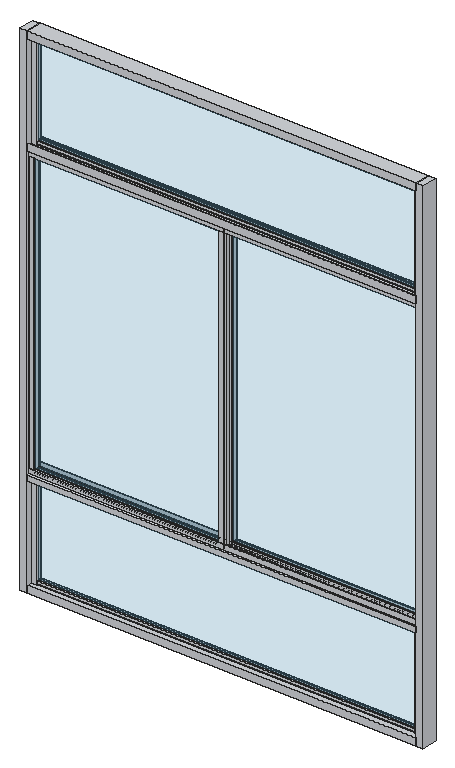
Revit family "MT-VMS_DB-SG_OX WITH HIGHTLITE-LOWLITE", category Windows, host Wall, Revit 2017
Family settings
  Host = Wall
  OmniClass Number = 23.30.20.00
  OmniClass Title = Windows
  Always vertical = Yes
  Cut with Voids When Loaded = No
  Shared = No
  Room Calculation Point = No
Parameters (values of type "VMS_DB-SG_XX WITH HIGHTLITE-LOWLITE")
  YEAR = "2019"  # constant formula
  WARNING = if(or(Height = Max Height, Width = Max Width), 1 = 1, 1 = 0)  # no
  VERSION = "2.1"  # constant formula
  URL = "WWW.ALSPEC.COM.AU"
  TOLERANCE = 10 mm
  TODAYS DATE = "2/12/2018"  # constant formula
  SINGLE GLAZED THICKNESS = 5 mm
  Rough Width = 2000 mm
  Rough Height = 2500 mm
  OFFSET = 30 mm
  Model = "VIEWMAX SLIDING WINDOW"  # constant formula
  Max Width = if([76mm FRAME THICKNESS], ((MAX PANEL WIDTH + 31 mm) * 2), ((MAX PANEL WIDTH + 40 mm) * 2))  # 2462 mm
  Max Height = if([76mm FRAME THICKNESS], (MAX PANEL HEIGHT + 41 mm + 36 mm + HIGHLITE + LOWLITE), (MAX PANEL HEIGHT + 50 mm + 56 mm + HIGHLITE + LOWLITE))  # 2677 mm
  MAX PANEL WIDTH = 1200 mm  # constant formula
  MAX PANEL HEIGHT = 1600 mm  # constant formula
  LOWLITE = 500 mm
  Height = if(Rough Height > Max Height, Max Height, Rough Height)  # 2500 mm
  HIGHLITE = 500 mm
  GLAZED MATERIAL = Glass
  FRAME MATERIAL = none
  Default Sill Height = 900 mm
  Wall Closure = By host
  Width = if(Rough Width > Max Width, Max Width, Rough Width)  # 2000 mm
  DOUBLE GLAZED THICKNESS = 15 mm
  DOUBLE GLAZED = no
  CREATOR = "SCOTT ISOUARD"  # constant formula
  COMPANY = "ARCHVIS"  # constant formula
  Analytic Construction = "<None>"
  ANZRC COMPLIANT = "YES"  # constant formula
  AIR POCKET = 5 mm
  76mm FRAME THICKNESS = not([101.6mm FRAME THICKNESS])  # yes
  101.6mm FRAME THICKNESS = no
Reference planes
  plane 1 "Center (Front/Back)": y = 0
  plane 2 "Center (Left/Right)": x = 0
  plane 3 "Left": x = -1000
  plane 4 "Right": x = 1000
  plane 5 "Sill": z = 900
  plane 6 "Head": z = 3400
  plane 7 "Exterior": y = 100
  plane 8 "Interior": y = -100
  plane 9: y = 70
  plane 10: x = -1010
  plane 11: x = 1010
  plane 12: z = 890
  plane 13: z = 3410
Lines and regions (mm)
  Opening 1
    outline origin (3500, -100, 0) x (1, 0, 0) y (0, 0, 1)
      loop
        line (-2490, 890) -> (-2490, 3410) -> (-4510, 3410) -> (-4510, 890) -> (-2490, 890)
Text (mm)
  text "EXTERIOR" at (-1963.203, 1332.353, 0), in view "Ref. Level"
  text "INTERIOR" at (-1981.466, -818.386, 0), in view "Ref. Level"
  text "Exterior" at (0, 923.751, 2943.296), in view "Right"
  text "Exterior" at (0, 1040.484, 2685.409), in view "Left"
Dimensions and locks
  equal spacing: plane 3 "Left", plane 2 "Center (Left/Right)", plane 4 "Right"
  "Width": plane 3 "Left" to plane 4 "Right"
  "Height": plane 5 "Sill" to plane 6 "Head"
  "Default Sill Height": plane 5 "Sill" to level
  locked: plane 7 "Exterior" to host wall at 0
  locked: plane 8 "Interior" to host wall
  "OFFSET": plane 9 to plane 7 "Exterior"
  "TOLERANCE": plane 10 to plane 3 "Left"
  "TOLERANCE": plane 4 "Right" to plane 11
  "TOLERANCE": plane 6 "Head" to plane 13
  "TOLERANCE": plane 12 to plane 5 "Sill"
  aligned and locked: Opening 1 sketch curve to plane 13
  aligned and locked: Opening 1 sketch curve to plane 11
  aligned and locked: Opening 1 sketch curve to plane 12
  aligned and locked: Opening 1 sketch curve to plane 10
  aligned and locked: nested 1 to plane 2 "Center (Left/Right)"
  aligned and locked: nested 3 to plane 2 "Center (Left/Right)"
  aligned and locked: nested 3 to plane 9
  aligned and locked: nested 3 to plane 5 "Sill"
  aligned and locked: nested 2 to plane 2 "Center (Left/Right)"
  aligned and locked: plane 5 "Sill" to nested 3  (x2)
  aligned and locked: nested 2 to plane 5 "Sill"
  aligned and locked: nested 2 to plane 9
Nested families
  nested 1: "WARNING TAG" at (0, -1836.503, 0), MAX.WIDTH <- "MAX PANEL WIDTH", visible <- "WARNING", type "WARNING TAG"
    with MAX.WIDTH 1200 mm, MAX.HEIGHT 1600 mm
  nested 2: "VMS_DB-SG_OX_LOWLITE-HIGHLITE_101mm" at (0, 70, 1400), visible <- "101.6mm FRAME THICKNESS", Sash Material <- "FRAME MATERIAL", type "VMS_DB-SG_OX_101mm"
  nested 3: "VMS_DB-SG_OX_LOWLITE-HIGHLITE_76mm" at (0, 70, 1400), visible <- "76mm FRAME THICKNESS", Sash Material <- "FRAME MATERIAL", type "VMS_DB-SG_OX_LOWLITE-HIGHLITE_76mm"
Definition of nested family "VMS_DB-SG_OX_LOWLITE-HIGHLITE_101mm"
  Parameters (values of type "VMS_DB-SG_OX_101mm")
    WIDTH = 2000 mm
    TOP PANEL HEIGHT = HIGHTLITE + 10 mm - FRAME WIDTH  # 465 mm
    Sash Material [instance] = none
    SINGLE GLAZED THICKNESS = 5 mm
    PANEL WIDTH = (WIDTH / 2 - 40 mm)  # 960 mm
    PANEL HEIGHT = HEIGHT - 56 mm - 50 mm - LOWLITE - HIGHTLITE  # 1394 mm
    LOWLITE = 500 mm
    HIGHTLITE = 500 mm
    HEIGHT = 2500 mm
    HAFT PANEL WIDTH = (PANEL WIDTH + 1 mm - 1 mm) / 2 + 1.8 mm  # 481.8 mm
    GLAZED MATERIAL = none
    FRAME WIDTH = 45 mm  # constant formula
    FRAME THICKNESS = 101.6 mm  # constant formula
    FRAME MATERIAL = none
    FIXED PANEL WIDTH = WIDTH - (FRAME WIDTH * 2)  # 1910 mm
    DOUBLE GLAZED THICKNESS = 15 mm
    DOUBLE GLAZED = no
    BOT PANEL HEIGHT = LOWLITE + 10 mm - FRAME WIDTH  # 465 mm
    AIR POCKET = 5 mm
  Reference planes
    plane 1 "Center (Front/Back)": y = 0
    plane 2: z = 0
    plane 3 "Center (Left/Right)": x = 0
    plane 4: y = -101.6
    plane 5: x = -1000
    plane 6: x = 1000
    plane 7: x = -955
    plane 8: x = 955
    plane 9: z = 1500
    plane 10: z = 56
    plane 11: z = 1450
    plane 12: y = -66.6
    plane 13: y = -35
    plane 14: x = -473.2
    plane 15: x = 473.2
    plane 16: z = 2000
    plane 17: z = -500
    plane 18: z = 1490
    plane 19: z = -455
    plane 20: y = -50.8
  Forms (mm)
    Extrusion 1, solid, material <- "Sash Material"
      sketch origin (0, 0, 0) x (1, 0, 0) y (0, 1, 0)
        loop
          line (-1000, 0) -> (-1000, -101.6) -> (-955, -101.6) -> (-955, 0) -> (-1000, 0)
        loop
          line (955, 0) -> (955, -101.6) -> (1000, -101.6) -> (1000, 0) -> (955, 0)
      from -500 to 2000
    Sweep 2, solid, material <- "Sash Material"
      path origin (0, 0, 0) x (1, 0, 0) y (0, 0, 1)
        loop
          line (955, 1500) -> (-955, 1500)
      profile "VMS_VM8_HEAD DETAIL : VMS_VM8_HEAD DETAIL" origin (0, 0, 1500) x (0, 0, -1) y (0, -1, 0)
        loop
          line (0, 0) -> (44, 0) -> (44, 18) -> (68, 18) -> (68, 19.8) -> (42.2, 19.8) -> (42.2, 1.8) -> (25.1, 1.8) -> (25.1, 49.7) -> (68, 49.7) -> (68, 51.3) -> (25.1, 51.3) -> (25.1, 99.8) -> (42.2, 99.8) -> (42.2, 81.2) -> (68, 81.2) -> (68, 83) -> (44, 83) -> (44, 101.6) -> (0, 101.6) -> (0, 99.8) -> (23.5, 99.8) -> (23.5, 1.5) -> (0, 1.5) -> (0, 0)
    Sweep 3, solid, material <- "Sash Material"
      path origin (0, 0, 0) x (1, 0, 0) y (0, 0, 1)
        loop
          line (955, 0) -> (-955, 0)
      profile "VMS_VM10_BOT DETAIL : VMS_VM10_BOT DETAIL" origin (0, 0, 0) x (0, 0, -1) y (0, -1, 0)
        loop
          line (-14.448, 1.5) -> (-14.448, 38) -> (-18.196, 38) -> (-18.196, 100) -> (0, 100) -> (0, 101.6) -> (-44, 101.6) -> (-44, 83.4) -> (-67, 83.4) -> (-67, 81.4) -> (-44, 81.4) -> (-44, 51.5) -> (-67, 51.5) -> (-67, 49.9) -> (-44, 49.9) -> (-44, 20) -> (-67, 20) -> (-67, 18) -> (-44, 18) -> (-44, 0) -> (0, 0) -> (0, 1.5) -> (-14.448, 1.5)
        loop
          line (-42.4, 100) -> (-42.4, 1.5) -> (-15.948, 1.5) -> (-15.948, 36.6) -> (-19.696, 36.6) -> (-19.696, 100) -> (-42.4, 100)
    Sweep 4, solid, material <- "Sash Material"
      path origin (0, 0, 0) x (1, 0, 0) y (0, 0, 1)
        loop
          line (-955, 1432) -> (-955, 67)
      profile "VMS_VM11_SILL DETAIL : VMS_VM11_SILL DETAIL" origin (-955, 0, 749.5) x (1, 0, 0) y (0, -1, 0)
        loop
          line (0, 50) -> (29.712, 50) -> (29.712, 51.6) -> (1.8, 51.6) -> (1.8, 81.5) -> (29.712, 81.5) -> (29.712, 83.5) -> (0, 83.5) -> (0, 50)
    Sweep 5, solid, material <- "Sash Material"
      path origin (0, 0, 0) x (1, 0, 0) y (0, 0, 1)
        loop
          line (955, 1432) -> (955, 67)
      profile "VMS_VM12_SILL DETAIL : VMS_VM12_SILL DETAIL" origin (955, 0, 749.5) x (1, 0, 0) y (0, -1, 0)
        loop
          line (-1.5, 49.244) -> (-1.5, 19.344) -> (-29.712, 19.344) -> (-29.712, 17.344) -> (0, 17.344) -> (0, 82.744) -> (-7.5, 82.744) -> (-7.5, 81.044) -> (-1.5, 81.044) -> (-1.5, 67.444) -> (-15, 67.444) -> (-15, 65.944) -> (-1.5, 65.944) -> (-1.5, 50.844) -> (-29.712, 50.844) -> (-29.712, 49.244) -> (-1.5, 49.244)
    Sweep 6, solid, material <- "Sash Material"
      path origin (-870.249, -66.6, 1200) x (-1, 0, 0) y (0, 0, 1)
        loop
          line (-870.249, 232) -> (-870.249, -1133)
      profile "VMS_VM9_INTERLOCK : VMS_VM9_INTERLOCK" origin (0, -66.6, 749.5) x (-1, 0, 0) y (0, 1, 0)
        loop
          line (19.712, -13.356) -> (-18.2, -13.356) -> (-18.2, 13.544) -> (19.712, 13.544) -> (19.712, 15.044) -> (-18.2, 15.044) -> (-18.2, 18.379) -> (-8.692, 19.257) -> (-8.692, 20.102) -> (-20, 20.102) -> (-20, -0.056) -> (-35, -0.056) -> (-35, -1.556) -> (-20, -1.556) -> (-20, -16.856) -> (19.712, -16.856) -> (19.712, -13.356)
    Extrusion 7, solid, material <- "Sash Material"
      sketch origin (0, 0, 0) x (0, 1, 0) y (0, 0, 1)
        loop
          line (0, 2000) -> (-101.6, 2000) -> (-101.6, 1955) -> (0, 1955) -> (0, 2000)
        loop
          line (0, -500) -> (0, -455) -> (-101.6, -455) -> (-101.6, -500) -> (0, -500)
      from -955 to 955
  Lines and regions (mm)
    Masking region 1, detail levels coarse
      outline origin (0, 0, 0) x (1, 0, 0) y (0, 1, 0)
        loop
          line (-1000, 0) -> (-1000, -101.6) -> (-955, -101.6) -> (-955, 0) -> (-1000, 0)
        loop
          line (955, 0) -> (955, -101.6) -> (1000, -101.6) -> (1000, 0) -> (955, 0)
    Masking region 2, detail levels coarse
      outline origin (0, 0, 0) x (0, 1, 0) y (0, 0, 1)
        loop
          line (-101.6, 1450) -> (0, 1450) -> (0, 1500) -> (-101.6, 1500) -> (-101.6, 1450)
        loop
          line (-101.6, 56) -> (-101.6, 0) -> (0, 0) -> (0, 56) -> (-101.6, 56)
        loop
          line (0, -455) -> (-101.6, -455) -> (-101.6, -500) -> (0, -500) -> (0, -455)
        loop
          line (0, 2000) -> (-101.6, 2000) -> (-101.6, 1955) -> (0, 1955) -> (0, 2000)
    symbolic lines
      curve 1: line (-955, 0, 0) -> (955, 0, 0)
      curve 2: line (-955, -101.6, 0) -> (955, -101.6, 0)
  Dimensions and locks
    equal spacing: plane 5, plane 3 "Center (Left/Right)", plane 6
    "FRAME THICKNESS": plane 4 to plane 1 "Center (Front/Back)"
    "FRAME WIDTH": plane 5 to plane 7
    "FRAME WIDTH": plane 8 to plane 6
    "WIDTH": plane 5 to plane 6
    locked: plane 9 to plane 11 at 50
    locked: plane 10 to plane 2 at 56
    locked: plane 13 to plane 1 "Center (Front/Back)" at 35
    locked: plane 12 to plane 4 at 35
    "HAFT PANEL WIDTH": plane 7 to plane 14
    "HAFT PANEL WIDTH": plane 15 to plane 8
    "LOWLITE": plane 2 to plane 17
    "HIGHTLITE": plane 16 to plane 9
    locked: plane 9 to plane 18 at 10
    "FRAME WIDTH": plane 19 to plane 17
    locked: plane 16 to Extrusion 7 sketch curve at 45
    equal spacing: plane 4, plane 20, plane 1 "Center (Front/Back)"
    "HEIGHT": plane 16 to plane 17
    aligned and locked: level to plane 2
    aligned and locked: plane 1 "Center (Front/Back)" to Extrusion 1 sketch curve  (x2)
    aligned and locked: plane 5 to Extrusion 1 sketch curve
    aligned and locked: plane 4 to Extrusion 1 sketch curve  (x2)
    aligned and locked: Extrusion 1 sketch curve to plane 7
    aligned and locked: plane 8 to Extrusion 1 sketch curve
    aligned and locked: Extrusion 1 sketch curve to plane 6
    aligned and locked: plane 9 to Sweep 2 sketch curve
    aligned and locked: plane 8 to Sweep 2 sketch curve
    aligned and locked: plane 7 to Sweep 2 sketch curve
    aligned and locked: plane 2 to Sweep 3 sketch curve
    aligned and locked: plane 8 to Sweep 3 sketch curve
    aligned and locked: plane 7 to Sweep 3 sketch curve
    aligned and locked: Sweep 4 sketch curve to plane 7
    aligned and locked: Sweep 4 sketch curve to Sweep 2
    aligned and locked: Sweep 3 to Sweep 4 sketch curve
    aligned and locked: Sweep 5 sketch curve to plane 8
    aligned and locked: Sweep 2 to Sweep 5 sketch curve
    aligned and locked: Sweep 5 sketch curve to Sweep 3
    aligned and locked: plane 15 to nested 1
    aligned and locked: nested 1 to plane 10
    aligned and locked: nested 1 to plane 13
    aligned and locked: plane 14 to nested 2
    aligned and locked: plane 12 to nested 2
    aligned and locked: nested 2 to plane 10
    aligned and locked: nested 3 to plane 7
    aligned and locked: Sweep 4 to nested 3
    aligned and locked: plane 3 "Center (Left/Right)" to Sweep 6 sketch curve
    aligned and locked: Sweep 2 to Sweep 6 sketch curve
    aligned and locked: Sweep 3 to Sweep 6 sketch curve
    aligned and locked: plane 7 to curve 1
    aligned and locked: plane 8 to curve 1
    aligned and locked: plane 8 to curve 2
    aligned and locked: plane 7 to curve 2
    aligned and locked: plane 1 "Center (Front/Back)" to curve 1
    aligned and locked: curve 2 to plane 4
    aligned and locked: Masking region 1 sketch curve to Extrusion 1  (x4)
    aligned and locked: Masking region 1 sketch curve to Sweep 3  (x2)
    aligned and locked: Sweep 3 to Masking region 1 sketch curve
    aligned and locked: plane 1 "Center (Front/Back)" to nested 4
    aligned and locked: nested 4 to plane 7
    aligned and locked: plane 8 to nested 5
    aligned and locked: plane 1 "Center (Front/Back)" to nested 5
    aligned and locked: plane 7 to nested 6
    aligned and locked: plane 1 "Center (Front/Back)" to nested 6
    aligned and locked: nested 7 to plane 8
    aligned and locked: Masking region 2 sketch curve to plane 11
    aligned and locked: Masking region 2 sketch curve to plane 4
    aligned and locked: Extrusion 1 to Masking region 2 sketch curve  (x2)
    aligned and locked: Masking region 2 sketch curve to nested 1
    aligned and locked: Masking region 2 sketch curve to Sweep 3  (x2)
    aligned and locked: nested 8 to plane 9
    aligned and locked: plane 4 to nested 8
    aligned and locked: nested 9 to level
    aligned and locked: plane 4 to Masking region 1 sketch curve
    aligned and locked: plane 7 to Extrusion 1
    aligned and locked: plane 8 to nested 7
    aligned and locked: plane 1 "Center (Front/Back)" to nested 7
    aligned and locked: plane 9 to nested 10
    aligned and locked: plane 4 to nested 10
    aligned and locked: nested 11 to plane 1 "Center (Front/Back)"
    aligned and locked: level to nested 11
    aligned and locked: plane 1 "Center (Front/Back)" to nested 9
    aligned and locked: plane 16 to Extrusion 1
    aligned and locked: Extrusion 1 to plane 17
    aligned and locked: Extrusion 7 sketch curve to plane 16
    aligned and locked: plane 1 "Center (Front/Back)" to Extrusion 7 sketch curve
    aligned and locked: plane 4 to Extrusion 7 sketch curve
    aligned and locked: Extrusion 7 sketch curve to plane 17
    aligned and locked: Extrusion 7 sketch curve to plane 1 "Center (Front/Back)"
    aligned and locked: Extrusion 7 sketch curve to plane 4
    aligned and locked: plane 19 to Extrusion 7 sketch curve
    aligned and locked: Extrusion 7 to Extrusion 1  (x2)
    aligned and locked: plane 3 "Center (Left/Right)" to nested 12
    aligned and locked: nested 12 to plane 18
    aligned and locked: plane 20 to nested 12
    aligned and locked: plane 3 "Center (Left/Right)" to nested 13
    aligned and locked: nested 13 to plane 19
    aligned and locked: plane 20 to nested 13
    aligned and locked: Extrusion 1 to nested 14
    aligned and locked: nested 14 to Extrusion 7
    aligned and locked: nested 15 to Extrusion 1
    aligned and locked: plane 19 to nested 15
    aligned and locked: nested 17 to nested 15
    aligned and locked: plane 19 to nested 17
    aligned and locked: Extrusion 7 to nested 16
    aligned and locked: plane 1 "Center (Front/Back)" to nested 16
    aligned and locked: Masking region 2 sketch curve to plane 9
    aligned and locked: plane 2 to Masking region 2 sketch curve
    aligned and locked: Masking region 2 sketch curve to Extrusion 7  (x4)
    aligned and locked: Masking region 2 sketch curve to Extrusion 1  (x2)
    aligned and locked: plane 1 "Center (Front/Back)" to Masking region 2 sketch curve
  Nested families
    nested 1: "VMS_DB-SG_GLAZED PANEL" at (473.2, -35, 56), Sash Material <- "FRAME MATERIAL", type "VMS_DB-SG_GLAZED PANEL"
      with OPEN yes
    nested 2: "VMS_DB-SG_GLAZED PANEL" at (-473.2, -66.6, 56) x (-1, 0, 0) z (0, 0, 1), Sash Material <- "FRAME MATERIAL", type "VMS_DB-SG_GLAZED PANEL"
      with OPEN no
    nested 3: "VMS_VM11_SILL DETAIL_FINE" at (-955, -50, 0) x (0, -1, 0) z (0, 0, 1), type "VMS_VM11_SILL DETAIL_FINE", detail levels fine
    nested 4: "MAIN FRAME 101.6MM_MEDIUM" at (-1000, 0, 0), type "MAIN FRAME 101.6MM_MEDIUM", detail levels medium
    nested 5: "MAIN FRAME 101.6MM_MEDIUM" at (1000, -101.6, 0) x (-1, 0, 0) z (0, 0, 1), type "MAIN FRAME 101.6MM_MEDIUM", detail levels medium
    nested 6: "AS1C CAVITY MAIN FRAME" at (-955, 0, 0), type "AS1C CAVITY MAIN FRAME", detail levels fine
    nested 7: "AS1C CAVITY MAIN FRAME" at (955, -101.6, 0) x (-1, 0, 0) z (0, 0, 1), type "AS1C CAVITY MAIN FRAME", detail levels fine
    nested 8: "VMS_VM8_HEAD DETAIL_FINE" at (0, -101.6, 1500) x (0, 1, 0) z (1, 0, 0), type "VMS_VM8_HEAD DETAIL_FINE", detail levels fine
    nested 9: "VMS_VM10_BOT DETAIL_FINE" at (0, -101.3, 0) x (0, 1, 0) z (1, 0, 0), type "VMS_VM10_BOT DETAIL_FINE", detail levels fine
    nested 10: "VMS_VM8_HEAD DETAIL_MEDIUM" at (0, 0, 1500) x (0, -1, 0) z (1, 0, 0), type "VMS_VM8_HEAD DETAIL_MEDIUM", detail levels medium
    nested 11: "VMS_VM10_BOT DETAIL_MEDIUM" at (0, 0, 0) x (0, -1, 0) z (1, 0, 0), type "VMS_VM10_BOT DETAIL_MEDIUM", detail levels medium
    nested 12: "VMS_DB-SG_GLAZED PANEL" at (0, -50.8, 1490) x (-1, 0, 0) z (0, 0, 1), Sash Material <- "FRAME MATERIAL", type "VMS_DB-SG_GLAZED Top"
      with OPEN no
    nested 13: "VMS_DB-SG_GLAZED PANEL" at (0, -50.8, -455) x (-1, 0, 0) z (0, 0, 1), type "VMS_DB-SG_GLAZED BOT"
      with OPEN no
    nested 14: "MAIN FRAME 101.6MM_MEDIUM" at (0, 0, 2000) x (0, 0, -1) z (1, 0, 0), type "MAIN FRAME 101.6MM_MEDIUM", detail levels medium
    nested 15: "MAIN FRAME 101.6MM_MEDIUM" at (0, -101.6, -500) x (0, 0, 1) z (1, 0, 0), type "MAIN FRAME 101.6MM_MEDIUM", detail levels medium
    nested 16: "AS1C CAVITY MAIN FRAME" at (0, 0, 1955) x (0, 0, -1) z (1, 0, 0), type "AS1C CAVITY MAIN FRAME", detail levels fine
    nested 17: "AS1C CAVITY MAIN FRAME" at (0, -101.6, -455) x (0, 0, 1) z (1, 0, 0), type "AS1C CAVITY MAIN FRAME", detail levels fine
  Definition of nested family "VMS_DB-SG_GLAZED PANEL"
    Parameters (values of type "VMS_DB-SG_GLAZED PANEL")
      YEAR = "2018"  # constant formula
      VERSION = "2.0"  # constant formula
      TODAYS DATE = "22/11/2018"  # constant formula
      Sash Material [instance] = none
      SINGLE GLAZED THICKNESS = 5 mm
      SINGLE GLAZED = not(DOUBLE GLAZED)  # yes
      PANEL WIDTH = 960 mm
      PANEL HEIGHT = 1394 mm
      OPEN [instance] = yes
      Height = 0 mm
      GLAZED WIDTH [instance] = 924 mm
      GLAZED RAIL MATERIAL = none
      GLAZED MATERIAL = none
      DOUBLE GLAZED THICKNESS = 15 mm
      DOUBLE GLAZED = no
      CREATOR = "Scott Isouard"  # constant formula
      COMPANY = "Archvis"  # constant formula
      Analytic Construction = "<None>"
      ANZRC COMPLIANT = "Yes"  # constant formula
      AIR POCKET = DOUBLE GLAZED THICKNESS - 10 mm  # 5 mm
    Types (3, lengths in mm): name | PANEL WIDTH | PANEL HEIGHT | GLAZED WIDTH
      VMS_DB-SG_GLAZED PANEL | 960 | 1394 | 924
      VMS_DB-SG_GLAZED BOT | 1910 | 465 | 1874
      VMS_DB-SG_GLAZED Top | 1910 | 465 | 1874
    Reference planes
      plane 1 "Center (Front/Back)": y = 0
      plane 2: z = 0
      plane 3 "Center (Left/Right)": x = 0
      plane 4: x = -480
      plane 5: x = 480
      plane 6: x = -462
      plane 7: x = 462
      plane 8: z = 1394
      plane 9: z = 1374
      plane 10: z = 20
      plane 11: z = 697
      plane 12: x = -452.086
      plane 13: x = 452
      plane 14: z = 10
      plane 15: z = 1384
    Forms (mm)
      Extrusion 1, solid, material <- "GLAZED MATERIAL", visible <- "SINGLE GLAZED"
        sketch origin (0, 0, 0) x (1, 0, 0) y (0, 1, 0)
          loop
            line (-462, 2.5) -> (-462, -2.5) -> (462, -2.5) -> (462, 2.5) -> (-462, 2.5)
        from 10 to 1384
      Extrusion 2, solid, material <- "GLAZED MATERIAL", visible <- "DOUBLE GLAZED"
        sketch origin (0, 0, 0) x (1, 0, 0) y (0, 1, 0)
          loop
            line (-462, 7.5) -> (-462, 2.5) -> (462, 2.5) -> (462, 7.5) -> (-462, 7.5)
          loop
            line (-462, -2.5) -> (-462, -7.5) -> (462, -7.5) -> (462, -2.5) -> (-462, -2.5)
        from 10 to 1384
      Sweep 3, solid, material <- "Sash Material"
        path origin (0, 0, 0) x (1, 0, 0) y (0, 0, 1)
          loop
            line (-480, 1394) -> (-480, 0)
        profile "VM__PROFILE_SACH SILL : VM__PROFILE_SACH SILL" origin (-480, 0, 697) x (1, 0, 0) y (0, -1, 0)
          loop
            line (0, 13.45) -> (0, -13.45) -> (28, -13.45) -> (28, -9.95) -> (10, -9.95) -> (10, 9.95) -> (28, 9.95) -> (28, 13.45) -> (0, 13.45)
      Sweep 4, solid, material <- "Sash Material"
        path origin (0, 0, 0) x (1, 0, 0) y (0, 0, 1)
          loop
            line (480, 1394) -> (480, 0)
        profile "VM__PROFILE_SACH SILL : VM__PROFILE_SACH SILL" origin (480, 0, 697) x (1, 0, 0) y (0, -1, 0)
          loop
            line (0, 13.45) -> (-28, 13.45) -> (-28, 9.95) -> (-10, 9.95) -> (-10, -9.95) -> (-28, -9.95) -> (-28, -13.45) -> (0, -13.45) -> (0, 13.45)
      Sweep 5, solid, material <- "Sash Material"
        path origin (0, 0, 0) x (1, 0, 0) y (0, 0, 1)
          loop
            line (-452.086, 1394) -> (452, 1394)
        profile "VM__PROFILE_GLAZED RAIL : VM__PROFILE_GLAZED RAIL" origin (-0.043, 0, 1394) x (0, 0, 1) y (0, -1, 0)
          loop
            line (-5.417, -13.45) -> (0, -8.033) -> (0, 8.033) -> (-5.417, 13.45) -> (-19.826, 13.45) -> (-19.826, 6.25) -> (-10, 6.25) -> (-10, -6.25) -> (-19.826, -6.25) -> (-19.826, -13.45) -> (-5.417, -13.45)
      Sweep 6, solid, material <- "Sash Material"
        path origin (0, 0, 0) x (1, 0, 0) y (0, 0, 1)
          loop
            line (452, 0) -> (-452.086, 0)
        profile "VM__PROFILE_GLAZED RAIL : VM__PROFILE_GLAZED RAIL" origin (-0.043, 0, 0) x (0, 0, -1) y (0, -1, 0)
          loop
            line (-5.417, -13.45) -> (0, -8.033) -> (0, 8.033) -> (-5.417, 13.45) -> (-19.826, 13.45) -> (-19.826, 6.25) -> (-10, 6.25) -> (-10, -6.25) -> (-19.826, -6.25) -> (-19.826, -13.45) -> (-5.417, -13.45)
    Lines and regions (mm)
      Masking region 1, detail levels coarse
        outline origin (0, 0, 0) x (1, 0, 0) y (0, 1, 0)
          loop
            line (-452.086, 13.45) -> (-480, 13.45) -> (-480, -13.45) -> (-452.086, -13.45) -> (-452.086, 13.45)
          loop
            line (452, 13.45) -> (452, -13.45) -> (480, -13.45) -> (480, 13.45) -> (452, 13.45)
      Masking region 2, detail levels coarse
        outline origin (0, 0, 0) x (0, 1, 0) y (0, 0, 1)
          loop
            line (13.45, 1394) -> (-13.45, 1394) -> (-13.45, 1374.174) -> (13.45, 1374.174) -> (13.45, 1394)
          loop
            line (13.45, 20) -> (-13.45, 20) -> (-13.45, 0) -> (13.45, 0) -> (13.45, 20)
      model lines, visible <- "OPEN", not visible
        curve 1: line (116.296, -13.45, 713.931) -> (-19.098, -13.45, 715.656)
        curve 2: line (-134.348, -13.45, 741.334) -> (8.162, -13.45, 666.42)
        curve 3: line (8.162, -13.45, 666.42) -> (-19.098, -13.45, 715.656)
        curve 4: line (116.912, -13.45, 762.344) -> (-18.481, -13.45, 764.068)
        curve 5: line (-134.348, -13.45, 741.334) -> (10.023, -13.45, 812.593)
        curve 6: line (10.023, -13.45, 812.593) -> (-18.481, -13.45, 764.068)
        curve 7: line (116.296, -13.45, 713.931) -> (116.912, -13.45, 762.344)
        curve 8: line (116.604, -13.45, 738.138) -> (-134.348, -13.45, 741.334)
        curve 9: line (-2.207, 13.452, 837.659) -> (-4.793, 13.452, 634.675)
      model lines, visible <- "OPEN"
        curve 10: line (120.069, -13.45, 721.208) -> (-15.335, -13.45, 721.208)
        curve 11: line (-130.903, -13.45, 697) -> (12.549, -13.45, 770.092)
        curve 12: line (12.549, -13.45, 770.092) -> (-15.335, -13.45, 721.208)
        curve 13: line (120.069, -13.45, 672.792) -> (-15.335, -13.45, 672.792)
        curve 14: line (-130.903, -13.45, 697) -> (12.549, -13.45, 623.908)
        curve 15: line (12.549, -13.45, 623.908) -> (-15.335, -13.45, 672.792)
        curve 16: line (120.069, -13.45, 721.208) -> (120.069, -13.45, 672.792)
        curve 17: line (120.069, -13.45, 697) -> (-130.903, -13.45, 697)
        curve 18: line (0, 13.452, 599) -> (0, 13.452, 802)
      symbolic lines
        curve 19: line (-466.086, 13.45, 0) -> (466.088, 13.45, 0)
        curve 20: line (-466.086, -13.45, 0) -> (462, -13.45, 0)
        curve 21: line (0, 13.45, 1384) -> (0, 13.45, 10)
        curve 22: line (0, -13.45, 1384) -> (0, -13.45, 10)
      symbolic lines, visible <- "OPEN"
        curve 23: line (150, 93.41, 0) -> (-150, 93.41, 0)
        curve 24: line (-150, 93.41, 0) -> (-70.45, 172.96, 0)
    Dimensions and locks
      equal spacing: plane 4, plane 3 "Center (Left/Right)", plane 5
      "PANEL WIDTH": plane 4 to plane 5
      "PANEL HEIGHT": plane 8 to plane 2
      equal spacing: Extrusion 1 sketch curve, plane 1 "Center (Front/Back)", Extrusion 1 sketch curve
      "SINGLE GLAZED THICKNESS": Extrusion 1 sketch curve to Extrusion 1 sketch curve
      equal spacing: plane 8, plane 11, plane 2
      equal spacing: Extrusion 2 sketch curve, plane 1 "Center (Front/Back)", Extrusion 2 sketch curve  (x2)
      "AIR POCKET": Extrusion 2 sketch curve to Extrusion 2 sketch curve
      "DOUBLE GLAZED THICKNESS": Extrusion 2 sketch curve to Extrusion 2 sketch curve
      locked: plane 4 to plane 12 at 27.914
      locked: plane 13 to plane 5 at 28
      locked: plane 8 to plane 9 at 20
      locked: plane 4 to plane 6 at 18
      locked: plane 7 to plane 5 at 18
      "GLAZED WIDTH": plane 6 to plane 7
      locked: plane 10 to plane 2 at 20
      locked: plane 14 to plane 2 at 10
      locked: plane 8 to plane 15 at 10
      equal spacing: curve 24, plane 3 "Center (Left/Right)", curve 23
      locked: curve 23 to Sweep 6 at 79.96
      aligned and locked: level to plane 2
      aligned and locked: plane 6 to Extrusion 2 sketch curve  (x2)
      aligned and locked: Extrusion 2 sketch curve to plane 7  (x2)
      aligned and locked: plane 4 to Sweep 3 sketch curve
      aligned and locked: plane 2 to Sweep 3 sketch curve
      aligned and locked: plane 8 to Sweep 3 sketch curve
      aligned and locked: Sweep 4 sketch curve to plane 5
      aligned and locked: plane 8 to Sweep 4 sketch curve
      aligned and locked: plane 2 to Sweep 4 sketch curve
      aligned and locked: Extrusion 1 sketch curve to plane 7
      aligned and locked: plane 6 to Extrusion 1 sketch curve
      aligned and locked: plane 11 to curve 17
      aligned and locked: plane 3 "Center (Left/Right)" to curve 18
      aligned and locked: Sweep 5 sketch curve to plane 8
      aligned and locked: plane 12 to Sweep 5 sketch curve
      aligned and locked: plane 13 to Sweep 5 sketch curve
      aligned and locked: plane 2 to Sweep 6 sketch curve
      aligned and locked: plane 13 to Sweep 6 sketch curve
      aligned and locked: plane 12 to Sweep 6 sketch curve
      aligned and locked: Sweep 5 to Masking region 1 sketch curve  (x2)
      aligned and locked: Masking region 1 sketch curve to Sweep 5  (x3)
      aligned and locked: Masking region 1 sketch curve to plane 4
      aligned and locked: Masking region 1 sketch curve to plane 5
      aligned and locked: Masking region 1 to Sweep 5
      aligned and locked: curve 20 to Sweep 5
      aligned and locked: Masking region 2 sketch curve to Sweep 4  (x2)
      aligned and locked: Sweep 4 to Masking region 2 sketch curve  (x2)
      aligned and locked: Masking region 2 sketch curve to Sweep 5  (x2)
      aligned and locked: Masking region 2 sketch curve to Sweep 6
      aligned and locked: Masking region 2 sketch curve to plane 10
      aligned and locked: nested 1 to plane 1 "Center (Front/Back)"
      aligned and locked: plane 2 to nested 1
      aligned and locked: nested 2 to plane 8
      aligned and locked: plane 1 "Center (Front/Back)" to nested 2
      aligned and locked: nested 3 to plane 8
      aligned and locked: plane 1 "Center (Front/Back)" to nested 3
      aligned and locked: plane 2 to nested 4
      aligned and locked: nested 4 to plane 1 "Center (Front/Back)"
      aligned and locked: Extrusion 2 to Sweep 6
      aligned and locked: Extrusion 2 to Extrusion 1  (x2)
      aligned and locked: nested 5 to plane 8
      aligned and locked: plane 1 "Center (Front/Back)" to nested 5
      aligned and locked: plane 2 to nested 6
      aligned and locked: nested 6 to plane 1 "Center (Front/Back)"
      aligned and locked: plane 2 to nested 7
      aligned and locked: nested 7 to plane 1 "Center (Front/Back)"
      aligned and locked: nested 8 to plane 8
      aligned and locked: plane 1 "Center (Front/Back)" to nested 8
      aligned and locked: Sweep 3 to curve 21
      aligned and locked: curve 22 to Sweep 3
      aligned and locked: curve 19 to Sweep 5
      aligned and locked: plane 7 to curve 20
      aligned and locked: plane 15 to curve 22
      aligned and locked: plane 15 to curve 21
      aligned and locked: plane 14 to curve 21
      aligned and locked: plane 14 to curve 22
      aligned and locked: plane 15 to Extrusion 2
      aligned and locked: plane 4 to nested 9
      aligned and locked: nested 9 to Sweep 3
      aligned and locked: plane 4 to nested 10
      aligned and locked: nested 10 to nested 9
      aligned and locked: plane 4 to nested 11
      aligned and locked: Masking region 1 to plane 13
      aligned and locked: plane 4 to nested 12
      aligned and locked: nested 12 to Sweep 5
      aligned and locked: plane 5 to nested 13
      aligned and locked: nested 13 to Sweep 4
      aligned and locked: plane 5 to nested 14
      aligned and locked: nested 14 to nested 13
      aligned and locked: plane 5 to nested 15
      aligned and locked: nested 14 to nested 15
      aligned and locked: plane 5 to nested 16
      aligned and locked: nested 16 to nested 15  (x2)
      aligned and locked: curve 19 to nested 16
      aligned and locked: nested 12 to curve 19
      aligned and locked: curve 20 to nested 12
    Automatic sketch dimensions
      curve 9 to curve 2 = 34.287 mm
      curve 2 to curve 7 = 118.111 mm
      curve 1 to curve 8 = 24.208 mm
      curve 3 to curve 4 = 48.416 mm
      curve 4 to curve 5 = 56.278 mm
      curve 5 to curve 9 = 27.89 mm
      curve 3 to curve 1 = 118.111 mm
      curve 6 to curve 4 = 118.111 mm
      curve 9 to curve 5 = 27.89 mm
      curve 3 to curve 2 = 56.278 mm
      curve 6 to curve 3 = 48.416 mm
      curve 8 to curve 4 = 118.076 mm
      curve 18 to curve 11 = 34.287 mm
      curve 11 to curve 16 = 118.111 mm
      curve 10 to curve 17 = 24.208 mm
      curve 12 to curve 13 = 48.416 mm
      curve 13 to curve 14 = 56.278 mm
      curve 14 to curve 18 = 27.89 mm
      curve 12 to curve 10 = 118.111 mm
      curve 15 to curve 13 = 118.111 mm
      curve 18 to curve 14 = 27.89 mm
      curve 12 to curve 11 = 56.278 mm
      curve 15 to curve 12 = 48.416 mm
      curve 17 to curve 13 = 118.076 mm
      curve 18 to curve 18 = 2.585 mm
      curve 18 to curve 18 = 202.984 mm
      curve 11 to curve 16 = 47.511 mm
      curve 11 to curve 12 = 49.235 mm
      curve 10 to curve 11 = 25.678 mm
      curve 10 to curve 16 = 48.412 mm
      curve 10 to curve 13 = 48.412 mm
      curve 13 to curve 15 = 48.525 mm
      curve 11 to curve 12 = 115.25 mm
      curve 10 to curve 15 = 0.617 mm
      curve 10 to curve 12 = 27.26 mm
      curve 13 to curve 14 = 28.505 mm
      curve 9 to curve 9 = 2.585 mm
      curve 9 to curve 9 = 202.984 mm
      curve 2 to curve 7 = 47.511 mm
      curve 2 to curve 3 = 49.235 mm
      curve 1 to curve 2 = 25.678 mm
      curve 1 to curve 7 = 48.412 mm
      curve 1 to curve 4 = 48.412 mm
      curve 4 to curve 6 = 48.525 mm
      curve 3 to curve 2 = 115.25 mm
      curve 6 to curve 1 = 0.617 mm
      curve 3 to curve 1 = 27.26 mm
      curve 5 to curve 4 = 28.505 mm
      Masking region 1 sketch curve to plane 13 = 0 mm
      curve 24 to curve 24 = 79.55 mm
      curve 19 to plane 6 = 4.086 mm
      curve 20 to plane 6 = 4.086 mm
      plane 7 to curve 19 = 4.088 mm
      curve 23 to curve 24 = 79.55 mm
      curve 24 to plane 3 "Center (Left/Right)" = 150 mm
    Nested families
      nested 1: "VM62_DOUBLE GLAZE RAIL_Mid detail" at (0, 0, 0) x (0, 0, 1) z (1, 0, 0), visible <- "DOUBLE GLAZED", type "VM62_DOUBLE GLAZE RAIL_Mid detail", detail levels medium
      nested 2: "VM62_DOUBLE GLAZE RAIL_Mid detail" at (0, 0, 1394) x (0, 0, -1) z (1, 0, 0), visible <- "DOUBLE GLAZED", type "VM62_DOUBLE GLAZE RAIL_Mid detail", detail levels medium
      nested 3: "VM62_SGL GLAZE RAIL_Mid detail" at (0, 0, 1394) x (0, 0, -1) z (1, 0, 0), visible <- "SINGLE GLAZED", type "VM62_SGL GLAZE RAIL_Mid detail", detail levels medium
      nested 4: "VM62_SGL GLAZE RAIL_Mid detail" at (0, 0, 0) x (0, 0, 1) z (1, 0, 0), visible <- "SINGLE GLAZED", type "VM62_SGL GLAZE RAIL_Mid detail", detail levels medium
      nested 5: "vm1_single glaze rail" at (0, 0, 1394) x (0, 0, -1) z (1, 0, 0), visible <- "SINGLE GLAZED", type "vm1_single glaze rail", detail levels fine
      nested 6: "vm1_single glaze rail" at (0, 0, 0) x (0, 0, 1) z (1, 0, 0), visible <- "SINGLE GLAZED", type "vm1_single glaze rail", detail levels fine
      nested 7: "VM62_DOUBLE GLAZE RAIL" at (0, 0, 0) x (0, 0, 1) z (1, 0, 0), visible <- "DOUBLE GLAZED", type "VM62_DOUBLE GLAZE RAIL", detail levels fine
      nested 8: "VM62_DOUBLE GLAZE RAIL" at (0, 0, 1394) x (0, 0, -1) z (1, 0, 0), visible <- "DOUBLE GLAZED", type "VM62_DOUBLE GLAZE RAIL", detail levels fine
      nested 9: "VMS_V3_SGL_FINE" at (-480, 13.45, 0), visible <- "SINGLE GLAZED", type "VMS_V3_SGL_FINE", detail levels fine
      nested 10: "VMS_V3_SGL_MEDIUM" at (-480, 13.45, 0), visible <- "SINGLE GLAZED", type "VMS_V3_SGL_MEDIUM", detail levels medium
      nested 11: "VMS_VM64_SILL DETAIL_FINE" at (-480, 13.45, 0), visible <- "DOUBLE GLAZED", type "VMS_VM64_SILL DETAIL_FINE", detail levels fine
      nested 12: "VMS_VM64_SILL DETAIL_MEDIUM" at (-480, 13.45, 0), visible <- "DOUBLE GLAZED", type "VMS_VM64_SILL DETAIL_MEDIUM", detail levels medium
      nested 13: "VMS_VM5_SILL DETAIL_FINE" at (480, -13.45, 0) x (0, 1, 0) z (0, 0, 1), visible <- "SINGLE GLAZED", type "VMS_VM5_SILL DETAIL_FINE", detail levels fine
      nested 14: "VMS_VM5_SILL DETAIL_MEDIUM" at (480, -13.45, 0) x (0, 1, 0) z (0, 0, 1), visible <- "SINGLE GLAZED", type "VMS_VM5_SILL DETAIL_MEDIUM", detail levels medium
      nested 15: "VMS_VM66_SILL DETAIL_FINE" at (480, -13.45, 0) x (0, 1, 0) z (0, 0, 1), visible <- "DOUBLE GLAZED", type "VMS_VM66_SILL DETAIL_FINE", detail levels fine
      nested 16: "VMS_VM66_SILL DETAIL_MEDIUM" at (480.054, -13.45, 0) x (0, 1, 0) z (0, 0, 1), visible <- "DOUBLE GLAZED", type "VMS_VM66_SILL DETAIL_MEDIUM", detail levels medium
    Definition of nested family "VM62_DOUBLE GLAZE RAIL_Mid detail"
      Reference planes
        plane 1 "Center (Front/Back)": y = 0
        plane 2: z = 0
        plane 3 "Center (Left/Right)": x = 0
        plane 4: x = 10
      Lines and regions (mm)
        detail lines, in view "Ref. Level"
          curve 1: line (19.826, 13.45, 0) -> (19.826, 10.52, 0)
          curve 2: line (19.826, 10.52, 0) -> (10, 10.52, 0)
          curve 3: line (10, -10.52, 0) -> (19.826, -10.52, 0)
          curve 4: line (19.826, -10.52, 0) -> (19.826, -13.45, 0)
          curve 5: line (19.826, -13.45, 0) -> (5.417, -13.45, 0)
          curve 6: line (5.417, -13.45, 0) -> (0, -8.033, 0)
          curve 7: line (0, -8.033, 0) -> (0, 8.033, 0)
          curve 8: line (0, 8.033, 0) -> (5.417, 13.45, 0)
          curve 9: line (5.417, 13.45, 0) -> (19.826, 13.45, 0)
          curve 10: line (10, -10.52, 0) -> (10, 10.52, 0)
      Dimensions and locks
        plane 3 "Center (Left/Right)" to plane 4 = 10 mm
    Definition of nested family "VM62_SGL GLAZE RAIL_Mid detail"
      Reference planes
        plane 1 "Center (Front/Back)": y = 0
        plane 2: z = 0
        plane 3 "Center (Left/Right)": x = 0
        plane 4: x = 10
      Lines and regions (mm)
        detail lines, in view "Ref. Level"
          curve 1: line (19.826, 13.45, 0) -> (19.826, 6.45, 0)
          curve 2: line (19.826, 6.45, 0) -> (10, 6.45, 0)
          curve 3: line (10, -6.45, 0) -> (19.826, -6.45, 0)
          curve 4: line (19.826, -6.45, 0) -> (19.826, -13.45, 0)
          curve 5: line (19.826, -13.45, 0) -> (5.417, -13.45, 0)
          curve 6: line (5.417, -13.45, 0) -> (0, -8.033, 0)
          curve 7: line (0, -8.033, 0) -> (0, 8.033, 0)
          curve 8: line (0, 8.033, 0) -> (5.417, 13.45, 0)
          curve 9: line (5.417, 13.45, 0) -> (19.826, 13.45, 0)
          curve 10: line (10, -6.45, 0) -> (10, 6.45, 0)
      Dimensions and locks
        plane 3 "Center (Left/Right)" to plane 4 = 10 mm
    Definition of nested family "vm1_single glaze rail"
      Reference planes
        plane 1 "Center (Front/Back)": y = 0
        plane 2: z = 0
        plane 3 "Center (Left/Right)": x = 0
      Lines and regions (mm)
        detail lines, in view "Ref. Level"
          curve 1: arc (5.316, -8.679, 0) -> (5.078, -8.372, 0) -> (4.771, -8.134, 0) r 1.525
          curve 2: arc (3.99, -7.925, 0) -> (3.633, -7.97, 0) -> (3.297, -8.097, 0) r 1.525
          curve 3: arc (2.647, -8.747, 0) -> (2.525, -9.062, 0) -> (2.476, -9.396, 0) r 1.525
          curve 4: arc (2.476, -9.396, 0) -> (2.18, -9.815, 0) -> (1.678, -9.711, 0) r 0.468
          curve 5: arc (0.088, -8.121, 0) -> (0.023, -8.024, 0) -> (0, -7.909, 0) r 0.3
          curve 6: arc (0, 7.909, 0) -> (0.023, 8.024, 0) -> (0.088, 8.121, 0) r 0.3
          curve 7: arc (1.678, 9.711, 0) -> (2.18, 9.815, 0) -> (2.476, 9.396, 0) r 0.468
          curve 8: arc (2.476, 9.396, 0) -> (2.525, 9.062, 0) -> (2.647, 8.747, 0) r 1.525
          curve 9: arc (3.297, 8.097, 0) -> (3.633, 7.97, 0) -> (3.99, 7.925, 0) r 1.525
          curve 10: arc (4.771, 8.134, 0) -> (5.078, 8.372, 0) -> (5.316, 8.679, 0) r 1.525
          curve 11: arc (5.525, 9.46, 0) -> (5.48, 9.817, 0) -> (5.353, 10.153, 0) r 1.525
          curve 12: arc (4.703, 10.803, 0) -> (4.388, 10.925, 0) -> (4.054, 10.974, 0) r 1.525
          curve 13: arc (4.054, 10.974, 0) -> (3.635, 11.27, 0) -> (3.739, 11.772, 0) r 0.468
          curve 14: arc (5.329, 13.362, 0) -> (5.426, 13.427, 0) -> (5.541, 13.45, 0) r 0.3
          curve 15: arc (13.831, 13.45, 0) -> (14.236, 13.045, 0) -> (13.831, 12.64, 0) r 0.405
          curve 16: arc (13.126, 11.82, 0) -> (13.214, 11.608, 0) -> (13.426, 11.52, 0) r 0.3
          curve 17: arc (13.936, 11.52, 0) -> (14.149, 11.432, 0) -> (14.236, 11.22, 0) r 0.3
          curve 18: arc (14.236, 10.62, 0) -> (14.149, 10.408, 0) -> (13.936, 10.32, 0) r 0.3
          curve 19: arc (13.426, 10.32, 0) -> (13.214, 10.232, 0) -> (13.126, 10.02, 0) r 0.3
          curve 20: arc (13.126, 8.576, 0) -> (13.214, 8.364, 0) -> (13.426, 8.276, 0) r 0.3
          curve 21: arc (18.226, 8.276, 0) -> (18.439, 8.364, 0) -> (18.526, 8.576, 0) r 0.3
          curve 22: arc (18.526, 10.02, 0) -> (18.439, 10.232, 0) -> (18.226, 10.32, 0) r 0.3
          curve 23: arc (17.716, 10.32, 0) -> (17.504, 10.408, 0) -> (17.416, 10.62, 0) r 0.3
          curve 24: arc (17.416, 11.22, 0) -> (17.504, 11.432, 0) -> (17.716, 11.52, 0) r 0.3
          curve 25: arc (18.226, 11.52, 0) -> (18.439, 11.608, 0) -> (18.526, 11.82, 0) r 0.3
          curve 26: arc (17.821, 12.64, 0) -> (17.416, 13.045, 0) -> (17.821, 13.45, 0) r 0.405
          curve 27: arc (19.026, 13.45, 0) -> (19.592, 13.216, 0) -> (19.826, 12.65, 0) r 0.8
          curve 28: arc (19.826, 6.961, 0) -> (19.751, 6.727, 0) -> (19.553, 6.581, 0) r 0.4
          curve 29: arc (18.59, 6.26, 0) -> (18.409, 6.288, 0) -> (18.326, 6.45, 0) r 0.2
          curve 30: arc (17.137, 6.284, 0) -> (16.932, 6.274, 0) -> (16.826, 6.45, 0) r 0.2
          curve 31: arc (15.637, 6.284, 0) -> (15.432, 6.274, 0) -> (15.326, 6.45, 0) r 0.2
          curve 32: arc (14.137, 6.284, 0) -> (13.932, 6.274, 0) -> (13.826, 6.45, 0) r 0.2
          curve 33: arc (13.426, 7.25, 0) -> (12.366, 7.689, 0) -> (11.926, 8.75, 0) r 1.5
          curve 34: arc (11.926, 11.75, 0) -> (11.839, 11.962, 0) -> (11.626, 12.05, 0) r 0.3
          curve 35: arc (6.463, 12.05, 0) -> (6.188, 11.87, 0) -> (6.244, 11.545, 0) r 0.3
          curve 36: arc (6.244, 11.545, 0) -> (7.057, 9.17, 0) -> (5.826, 6.982, 0) r 3.07
          curve 37: arc (5.826, 6.982, 0) -> (3.825, 6.385, 0) -> (1.905, 7.206, 0) r 3.07
          curve 38: arc (1.905, 7.206, 0) -> (1.58, 7.262, 0) -> (1.4, 6.987, 0) r 0.3
          curve 39: arc (1.4, -6.987, 0) -> (1.58, -7.262, 0) -> (1.905, -7.206, 0) r 0.3
          curve 40: arc (1.905, -7.206, 0) -> (3.825, -6.385, 0) -> (5.826, -6.982, 0) r 3.07
          curve 41: arc (5.826, -6.982, 0) -> (7.057, -9.17, 0) -> (6.244, -11.545, 0) r 3.07
          curve 42: arc (6.244, -11.545, 0) -> (6.188, -11.87, 0) -> (6.463, -12.05, 0) r 0.3
          curve 43: arc (11.626, -12.05, 0) -> (11.839, -11.962, 0) -> (11.926, -11.75, 0) r 0.3
          curve 44: arc (11.926, -8.75, 0) -> (12.366, -7.689, 0) -> (13.426, -7.25, 0) r 1.5
          curve 45: arc (13.826, -6.45, 0) -> (13.932, -6.274, 0) -> (14.137, -6.284, 0) r 0.2
          curve 46: arc (15.326, -6.45, 0) -> (15.432, -6.274, 0) -> (15.637, -6.284, 0) r 0.2
          curve 47: arc (16.826, -6.45, 0) -> (16.932, -6.274, 0) -> (17.137, -6.284, 0) r 0.2
          curve 48: arc (18.326, -6.45, 0) -> (18.409, -6.288, 0) -> (18.59, -6.26, 0) r 0.2
          curve 49: arc (19.553, -6.581, 0) -> (19.751, -6.727, 0) -> (19.826, -6.961, 0) r 0.4
          curve 50: arc (19.826, -12.65, 0) -> (19.592, -13.216, 0) -> (19.026, -13.45, 0) r 0.8
          curve 51: arc (17.821, -13.45, 0) -> (17.416, -13.045, 0) -> (17.821, -12.64, 0) r 0.405
          curve 52: arc (18.526, -11.82, 0) -> (18.439, -11.608, 0) -> (18.226, -11.52, 0) r 0.3
          curve 53: arc (17.716, -11.52, 0) -> (17.504, -11.432, 0) -> (17.416, -11.22, 0) r 0.3
          curve 54: arc (17.416, -10.62, 0) -> (17.504, -10.408, 0) -> (17.716, -10.32, 0) r 0.3
          curve 55: arc (18.226, -10.32, 0) -> (18.439, -10.232, 0) -> (18.526, -10.02, 0) r 0.3
          curve 56: arc (18.526, -8.576, 0) -> (18.439, -8.364, 0) -> (18.226, -8.276, 0) r 0.3
          curve 57: arc (13.426, -8.276, 0) -> (13.214, -8.364, 0) -> (13.126, -8.576, 0) r 0.3
          curve 58: arc (13.126, -10.02, 0) -> (13.214, -10.232, 0) -> (13.426, -10.32, 0) r 0.3
          curve 59: arc (13.936, -10.32, 0) -> (14.149, -10.408, 0) -> (14.236, -10.62, 0) r 0.3
          curve 60: arc (14.236, -11.22, 0) -> (14.149, -11.432, 0) -> (13.936, -11.52, 0) r 0.3
          curve 61: arc (13.426, -11.52, 0) -> (13.214, -11.608, 0) -> (13.126, -11.82, 0) r 0.3
          curve 62: arc (13.831, -12.64, 0) -> (14.236, -13.045, 0) -> (13.831, -13.45, 0) r 0.405
          curve 63: arc (5.541, -13.45, 0) -> (5.426, -13.427, 0) -> (5.329, -13.362, 0) r 0.3
          curve 64: arc (3.739, -11.772, 0) -> (3.635, -11.27, 0) -> (4.054, -10.974, 0) r 0.468
          curve 65: arc (4.054, -10.974, 0) -> (4.388, -10.925, 0) -> (4.703, -10.803, 0) r 1.525
          curve 66: arc (5.353, -10.153, 0) -> (5.48, -9.817, 0) -> (5.525, -9.46, 0) r 1.525
          curve 67: line (4.771, -8.134, 0) -> (4.485, -7.639, 0)
          curve 68: line (4.485, -7.639, 0) -> (3.99, -7.925, 0)
          curve 69: line (3.297, -8.097, 0) -> (2.675, -8.125, 0)
          curve 70: line (2.675, -8.125, 0) -> (2.647, -8.747, 0)
          curve 71: line (1.678, -9.711, 0) -> (0.088, -8.121, 0)
          curve 72: line (0, -7.909, 0) -> (0, 7.909, 0)
          curve 73: line (0.088, 8.121, 0) -> (1.678, 9.711, 0)
          curve 74: line (2.647, 8.747, 0) -> (2.675, 8.125, 0)
          curve 75: line (2.675, 8.125, 0) -> (3.297, 8.097, 0)
          curve 76: line (3.99, 7.925, 0) -> (4.485, 7.639, 0)
          curve 77: line (4.485, 7.639, 0) -> (4.771, 8.134, 0)
          curve 78: line (5.316, 8.679, 0) -> (5.811, 8.965, 0)
          curve 79: line (5.811, 8.965, 0) -> (5.525, 9.46, 0)
          curve 80: line (5.353, 10.153, 0) -> (5.325, 10.775, 0)
          curve 81: line (5.325, 10.775, 0) -> (4.703, 10.803, 0)
          curve 82: line (3.739, 11.772, 0) -> (5.329, 13.362, 0)
          curve 83: line (5.541, 13.45, 0) -> (13.831, 13.45, 0)
          curve 84: line (13.831, 12.64, 0) -> (13.126, 12.64, 0)
          curve 85: line (13.126, 12.64, 0) -> (13.126, 11.82, 0)
          curve 86: line (13.426, 11.52, 0) -> (13.936, 11.52, 0)
          curve 87: line (14.236, 11.22, 0) -> (14.236, 10.62, 0)
          curve 88: line (13.936, 10.32, 0) -> (13.426, 10.32, 0)
          curve 89: line (13.126, 10.02, 0) -> (13.126, 8.576, 0)
          curve 90: line (13.426, 8.276, 0) -> (18.226, 8.276, 0)
          curve 91: line (18.526, 8.576, 0) -> (18.526, 10.02, 0)
          curve 92: line (18.226, 10.32, 0) -> (17.716, 10.32, 0)
          curve 93: line (17.416, 10.62, 0) -> (17.416, 11.22, 0)
          curve 94: line (17.716, 11.52, 0) -> (18.226, 11.52, 0)
          curve 95: line (18.526, 11.82, 0) -> (18.526, 12.64, 0)
          curve 96: line (18.526, 12.64, 0) -> (17.821, 12.64, 0)
          curve 97: line (17.821, 13.45, 0) -> (19.026, 13.45, 0)
          curve 98: line (19.826, 12.65, 0) -> (19.826, 6.961, 0)
          curve 99: line (19.553, 6.581, 0) -> (18.59, 6.26, 0)
          curve 100: line (18.326, 6.45, 0) -> (18.326, 7.076, 0)
          curve 101: line (18.326, 7.076, 0) -> (17.137, 6.284, 0)
          curve 102: line (16.826, 6.45, 0) -> (16.826, 7.076, 0)
          curve 103: line (16.826, 7.076, 0) -> (15.637, 6.284, 0)
          curve 104: line (15.326, 6.45, 0) -> (15.326, 7.076, 0)
          curve 105: line (15.326, 7.076, 0) -> (14.137, 6.284, 0)
          curve 106: line (13.826, 6.45, 0) -> (13.826, 7.25, 0)
          curve 107: line (13.826, 7.25, 0) -> (13.426, 7.25, 0)
          curve 108: line (11.926, 8.75, 0) -> (11.926, 11.75, 0)
          curve 109: line (11.626, 12.05, 0) -> (6.463, 12.05, 0)
          curve 110: line (1.4, 6.987, 0) -> (1.4, -6.987, 0)
          curve 111: line (6.463, -12.05, 0) -> (11.626, -12.05, 0)
          curve 112: line (11.926, -11.75, 0) -> (11.926, -8.75, 0)
          curve 113: line (13.426, -7.25, 0) -> (13.826, -7.25, 0)
          curve 114: line (13.826, -7.25, 0) -> (13.826, -6.45, 0)
          curve 115: line (14.137, -6.284, 0) -> (15.326, -7.076, 0)
          curve 116: line (15.326, -7.076, 0) -> (15.326, -6.45, 0)
          curve 117: line (15.637, -6.284, 0) -> (16.826, -7.076, 0)
          curve 118: line (16.826, -7.076, 0) -> (16.826, -6.45, 0)
          curve 119: line (17.137, -6.284, 0) -> (18.326, -7.076, 0)
          curve 120: line (18.326, -7.076, 0) -> (18.326, -6.45, 0)
          curve 121: line (18.59, -6.26, 0) -> (19.553, -6.581, 0)
          curve 122: line (19.826, -6.961, 0) -> (19.826, -12.65, 0)
          curve 123: line (19.026, -13.45, 0) -> (17.821, -13.45, 0)
          curve 124: line (17.821, -12.64, 0) -> (18.526, -12.64, 0)
          curve 125: line (18.526, -12.64, 0) -> (18.526, -11.82, 0)
          curve 126: line (18.226, -11.52, 0) -> (17.716, -11.52, 0)
          curve 127: line (17.416, -11.22, 0) -> (17.416, -10.62, 0)
          curve 128: line (17.716, -10.32, 0) -> (18.226, -10.32, 0)
          curve 129: line (18.526, -10.02, 0) -> (18.526, -8.576, 0)
          curve 130: line (18.226, -8.276, 0) -> (13.426, -8.276, 0)
          curve 131: line (13.126, -8.576, 0) -> (13.126, -10.02, 0)
          curve 132: line (13.426, -10.32, 0) -> (13.936, -10.32, 0)
          curve 133: line (14.236, -10.62, 0) -> (14.236, -11.22, 0)
          curve 134: line (13.936, -11.52, 0) -> (13.426, -11.52, 0)
          curve 135: line (13.126, -11.82, 0) -> (13.126, -12.64, 0)
          curve 136: line (13.126, -12.64, 0) -> (13.831, -12.64, 0)
          curve 137: line (13.831, -13.45, 0) -> (5.541, -13.45, 0)
          curve 138: line (5.329, -13.362, 0) -> (3.739, -11.772, 0)
          curve 139: line (4.703, -10.803, 0) -> (5.325, -10.775, 0)
          curve 140: line (5.325, -10.775, 0) -> (5.353, -10.153, 0)
          curve 141: line (5.525, -9.46, 0) -> (5.811, -8.965, 0)
          curve 142: line (5.811, -8.965, 0) -> (5.316, -8.679, 0)
    Definition of nested family "VM62_DOUBLE GLAZE RAIL"
      Reference planes
        plane 1 "Center (Front/Back)": y = 0
        plane 2: z = 0
        plane 3 "Center (Left/Right)": x = 0
      Lines and regions (mm)
        detail lines, in view "Ref. Level"
          curve 1: arc (17.821, 12.64, 0) -> (17.416, 13.045, 0) -> (17.821, 13.45, 0) r 0.405
          curve 2: arc (19.026, 13.45, 0) -> (19.592, 13.216, 0) -> (19.826, 12.65, 0) r 0.8
          curve 3: arc (19.826, 10.711, 0) -> (19.751, 10.477, 0) -> (19.553, 10.331, 0) r 0.4
          curve 4: arc (18.59, 10.01, 0) -> (18.409, 10.038, 0) -> (18.326, 10.2, 0) r 0.2
          curve 5: arc (17.102, 10.002, 0) -> (16.915, 10.021, 0) -> (16.826, 10.187, 0) r 0.2
          curve 6: arc (15.602, 10.009, 0) -> (15.415, 10.028, 0) -> (15.326, 10.194, 0) r 0.2
          curve 7: arc (14.102, 10.016, 0) -> (13.915, 10.035, 0) -> (13.826, 10.201, 0) r 0.2
          curve 8: arc (12.726, 10.52, 0) -> (12.161, 10.754, 0) -> (11.926, 11.32, 0) r 0.8
          curve 9: arc (11.926, 11.75, 0) -> (11.839, 11.962, 0) -> (11.626, 12.05, 0) r 0.3
          curve 10: arc (6.463, 12.05, 0) -> (6.188, 11.87, 0) -> (6.244, 11.545, 0) r 0.3
          curve 11: arc (6.244, 11.545, 0) -> (7.057, 9.17, 0) -> (5.826, 6.982, 0) r 3.07
          curve 12: arc (5.826, 6.982, 0) -> (3.825, 6.385, 0) -> (1.905, 7.206, 0) r 3.07
          curve 13: arc (1.905, 7.206, 0) -> (1.58, 7.262, 0) -> (1.4, 6.987, 0) r 0.3
          curve 14: arc (1.4, -6.987, 0) -> (1.58, -7.262, 0) -> (1.905, -7.206, 0) r 0.3
          curve 15: arc (1.905, -7.206, 0) -> (3.825, -6.385, 0) -> (5.826, -6.982, 0) r 3.07
          curve 16: arc (5.826, -6.982, 0) -> (7.057, -9.17, 0) -> (6.244, -11.545, 0) r 3.07
          curve 17: arc (6.244, -11.545, 0) -> (6.188, -11.87, 0) -> (6.463, -12.05, 0) r 0.3
          curve 18: arc (11.626, -12.05, 0) -> (11.839, -11.962, 0) -> (11.926, -11.75, 0) r 0.3
          curve 19: arc (11.926, -11.32, 0) -> (12.161, -10.754, 0) -> (12.726, -10.52, 0) r 0.8
          curve 20: arc (13.826, -10.201, 0) -> (13.915, -10.035, 0) -> (14.102, -10.016, 0) r 0.2
          curve 21: arc (15.326, -10.194, 0) -> (15.415, -10.028, 0) -> (15.602, -10.009, 0) r 0.2
          curve 22: arc (16.826, -10.187, 0) -> (16.915, -10.021, 0) -> (17.102, -10.002, 0) r 0.2
          curve 23: arc (18.326, -10.2, 0) -> (18.409, -10.038, 0) -> (18.59, -10.01, 0) r 0.2
          curve 24: arc (19.553, -10.331, 0) -> (19.751, -10.477, 0) -> (19.826, -10.711, 0) r 0.4
          curve 25: arc (19.826, -12.65, 0) -> (19.592, -13.216, 0) -> (19.026, -13.45, 0) r 0.8
          curve 26: arc (17.821, -13.45, 0) -> (17.416, -13.045, 0) -> (17.821, -12.64, 0) r 0.405
          curve 27: arc (13.831, -12.64, 0) -> (14.236, -13.045, 0) -> (13.831, -13.45, 0) r 0.405
          curve 28: arc (5.541, -13.45, 0) -> (5.426, -13.427, 0) -> (5.329, -13.362, 0) r 0.3
          curve 29: arc (3.739, -11.772, 0) -> (3.635, -11.27, 0) -> (4.054, -10.974, 0) r 0.468
          curve 30: arc (4.054, -10.974, 0) -> (4.388, -10.925, 0) -> (4.703, -10.803, 0) r 1.525
          curve 31: arc (5.353, -10.153, 0) -> (5.48, -9.817, 0) -> (5.525, -9.46, 0) r 1.525
          curve 32: arc (5.316, -8.679, 0) -> (5.078, -8.372, 0) -> (4.771, -8.134, 0) r 1.525
          curve 33: arc (3.99, -7.925, 0) -> (3.633, -7.97, 0) -> (3.297, -8.097, 0) r 1.525
          curve 34: arc (2.647, -8.747, 0) -> (2.525, -9.062, 0) -> (2.476, -9.396, 0) r 1.525
          curve 35: arc (2.476, -9.396, 0) -> (2.18, -9.815, 0) -> (1.678, -9.711, 0) r 0.468
          curve 36: arc (0.088, -8.121, 0) -> (0.023, -8.024, 0) -> (0, -7.909, 0) r 0.3
          curve 37: arc (0, 7.909, 0) -> (0.023, 8.024, 0) -> (0.088, 8.121, 0) r 0.3
          curve 38: arc (1.678, 9.711, 0) -> (2.18, 9.815, 0) -> (2.476, 9.396, 0) r 0.468
          curve 39: arc (2.476, 9.396, 0) -> (2.525, 9.062, 0) -> (2.647, 8.747, 0) r 1.525
          curve 40: arc (3.297, 8.097, 0) -> (3.633, 7.97, 0) -> (3.99, 7.925, 0) r 1.525
          curve 41: arc (4.771, 8.134, 0) -> (5.078, 8.372, 0) -> (5.316, 8.679, 0) r 1.525
          curve 42: arc (5.525, 9.46, 0) -> (5.48, 9.817, 0) -> (5.353, 10.153, 0) r 1.525
          curve 43: arc (4.703, 10.803, 0) -> (4.388, 10.925, 0) -> (4.054, 10.974, 0) r 1.525
          curve 44: arc (4.054, 10.974, 0) -> (3.635, 11.27, 0) -> (3.739, 11.772, 0) r 0.468
          curve 45: arc (5.329, 13.362, 0) -> (5.426, 13.427, 0) -> (5.541, 13.45, 0) r 0.3
          curve 46: arc (13.831, 13.45, 0) -> (14.236, 13.045, 0) -> (13.831, 12.64, 0) r 0.405
          curve 47: line (13.831, 12.64, 0) -> (13.126, 12.64, 0)
          curve 48: line (13.126, 12.64, 0) -> (13.126, 11.52, 0)
          curve 49: line (13.126, 11.52, 0) -> (18.526, 11.52, 0)
          curve 50: line (18.526, 11.52, 0) -> (18.526, 12.64, 0)
          curve 51: line (18.526, 12.64, 0) -> (17.821, 12.64, 0)
          curve 52: line (17.821, 13.45, 0) -> (19.026, 13.45, 0)
          curve 53: line (19.826, 12.65, 0) -> (19.826, 10.711, 0)
          curve 54: line (19.553, 10.331, 0) -> (18.59, 10.01, 0)
          curve 55: line (18.326, 10.2, 0) -> (18.326, 10.499, 0)
          curve 56: line (18.326, 10.499, 0) -> (17.102, 10.002, 0)
          curve 57: line (16.826, 10.187, 0) -> (16.826, 10.506, 0)
          curve 58: line (16.826, 10.506, 0) -> (15.602, 10.009, 0)
          curve 59: line (15.326, 10.194, 0) -> (15.326, 10.513, 0)
          curve 60: line (15.326, 10.513, 0) -> (14.102, 10.016, 0)
          curve 61: line (13.826, 10.201, 0) -> (13.826, 10.52, 0)
          curve 62: line (13.826, 10.52, 0) -> (12.726, 10.52, 0)
          curve 63: line (11.926, 11.32, 0) -> (11.926, 11.75, 0)
          curve 64: line (11.626, 12.05, 0) -> (6.463, 12.05, 0)
          curve 65: line (1.4, 6.987, 0) -> (1.4, -6.987, 0)
          curve 66: line (6.463, -12.05, 0) -> (11.626, -12.05, 0)
          curve 67: line (11.926, -11.75, 0) -> (11.926, -11.32, 0)
          curve 68: line (12.726, -10.52, 0) -> (13.826, -10.52, 0)
          curve 69: line (13.826, -10.52, 0) -> (13.826, -10.201, 0)
          curve 70: line (14.102, -10.016, 0) -> (15.326, -10.513, 0)
          curve 71: line (15.326, -10.513, 0) -> (15.326, -10.194, 0)
          curve 72: line (15.602, -10.009, 0) -> (16.826, -10.506, 0)
          curve 73: line (16.826, -10.506, 0) -> (16.826, -10.187, 0)
          curve 74: line (17.102, -10.002, 0) -> (18.326, -10.499, 0)
          curve 75: line (18.326, -10.499, 0) -> (18.326, -10.2, 0)
          curve 76: line (18.59, -10.01, 0) -> (19.553, -10.331, 0)
          curve 77: line (19.826, -10.711, 0) -> (19.826, -12.65, 0)
          curve 78: line (19.026, -13.45, 0) -> (17.821, -13.45, 0)
          curve 79: line (17.821, -12.64, 0) -> (18.526, -12.64, 0)
          curve 80: line (18.526, -12.64, 0) -> (18.526, -11.52, 0)
          curve 81: line (18.526, -11.52, 0) -> (13.126, -11.52, 0)
          curve 82: line (13.126, -11.52, 0) -> (13.126, -12.64, 0)
